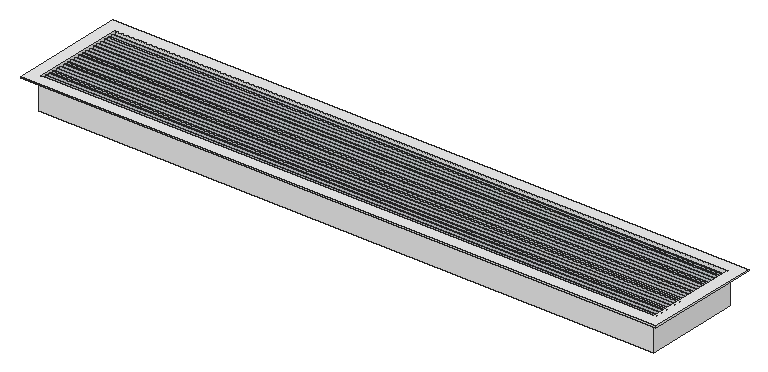
Revit family "DC_Holyoake_MEQ_LD-600SD_13", category Air Terminals, host Face, Revit 2013
Parameters (values of type "LD-600SD")
  Width LD [instance] = 150.0 mm
  URL = "http://www.holyoake.com"
  Type Comments = "Fineline Diffuser Series LD linear bar grilles"  # constant formula
  Static Pressure Min = 3.00 Pa
  Static Pressure Max = 69.00 Pa
  Noise Level NC Min = "< 10 NC"
  Noise Level NC Max = "48 NC"
  Model = "LD-600SD"  # constant formula
  Min Flow = 29 L/s
  Max Flow = 2600 L/s
  Material Face = Holyoake-Aluminium
  Material Body = Holyoake-Aluminium
  Manufacturer = "Holyoake"  # constant formula
  Length LD [instance] = 1000.0 mm
  Holyoake Product Range = "Holyoake Fineline Diffusers"  # constant formula
  Description = "Linear Bar Grille Registers with Vertical Rear Deflector Blades shall be Holyoake Model LD-600-SD with Horizontal Front Linear Bars of 3.25mm Blades at 6.35mm centres set at 0 degree deflection together with one set of Black Anodised Vertical Airfoil Individually Adjustable Deflection Blades at rear.  Linear Bar Grille Registers shall be of extruded aluminium construction to the sizes as documented. Fine line linear blades shall be mechanically expanded into machine notched mullions spaced at no greater then 300mm centres. Diffusers shall be finished in powder coat and fitted with accessories and dampers where indicated as manufactured by Holyoake"  # constant formula
  Default Elevation = 0.0 mm
  Array Number [instance] = ((Width LD - 25.4 mm) / 6.4 mm) - 0.9  # 19
Reference planes
  plane 1 "Center (Front/Back)": y = 0
  plane 2: z = 0
  plane 3 "Center (Left/Right)": x = 0
  plane 4: x = -500
  plane 5: x = 500
  plane 6: y = 75
  plane 7: y = -75
Forms (mm)
  Sweep 1, solid, material "Holyoake-Aluminium" <- "Material Body"
    path origin (0, 0, 0) x (1, 0, 0) y (0, 1, 0)
      loop
        line (-500, 75) -> (-500, -75) -> (500, -75) -> (500, 75) -> (-500, 75)
    profile origin (0, 75, 0) x (0, 1, 0) y (0, 0, 1)
      loop
        line (2, 0) -> (19, 0) -> (19, 2) -> (0, 2) -> (0, -50) -> (2, -50) -> (2, 0)
  Extrusion 2, void
    sketch origin (0, 0, 0) x (1, 0, 0) y (0, 1, 0)
      loop
        line (-500, 75) -> (-500, -75) -> (500, -75) -> (500, 75) -> (-500, 75)
    from 0 to -1000
Cuts and joins
  Extrusion 2 cuts Sweep 1
Lines and regions (mm)
  reference lines
    curve 1: line (-590.798, 68.65, 0) -> (-485.798, 68.65, 0)
    curve 2: line (-590.798, -68.65, 0) -> (-490.798, -68.65, 0)
Dimensions and locks
  equal spacing: plane 6, plane 1 "Center (Front/Back)", plane 7
  "Width LD": plane 6 to plane 7
  "Length LD": plane 4 to plane 5
  equal spacing: plane 4, plane 3 "Center (Left/Right)", plane 5
  locked: plane 6 to curve 1 at 6.35
  locked: curve 2 to plane 7 at 6.35
  equal spacing: group 1, group 3, group 4, group 5, group 6, group 7, group 8, group 9, group 10, group 11, group 12, group 13, group 14, group 15, group 16, group 17, group 18, group 19, group 2  (x2)
  equal spacing: group 2, group 19, group 18, group 17, group 16, group 15, group 14, group 13, group 12, group 11, group 10, group 9, group 8, group 7, group 6, group 5, group 4, group 3, group 1
  aligned and locked: plane 2 to host face
  aligned and locked: level to host face
  aligned and locked: plane 4 to Sweep 1 sketch curve
  aligned and locked: Sweep 1 sketch curve to plane 6
  aligned and locked: plane 7 to Sweep 1 sketch curve
  aligned and locked: Sweep 1 sketch curve to plane 5
  aligned and locked: plane 4 to nested 1
  aligned and locked: plane 4 to Sweep 1
  aligned and locked: nested 1 to curve 1
  aligned and locked: Sweep 1 to level
  aligned and locked: curve 2 to nested 2
  aligned and locked: plane 4 to nested 2
  aligned and locked: Extrusion 2 sketch curve to Sweep 1  (x3)
  aligned and locked: Sweep 1 to Extrusion 2 sketch curve
Automatic sketch dimensions
  Sweep 1 sketch curve to level = 0.0 mm
  Sweep 1 sketch curve to profile plane = 0.0 mm
  Sweep 1 sketch curve to Sweep 1 sketch curve = 2.0 mm
  Sweep 1 sketch curve to Sweep 1 sketch curve = 17.0 mm
  Sweep 1 sketch curve to Sweep 1 sketch curve = 50.0 mm
  level to Sweep 1 sketch curve = 2.0 mm
  host sketch curve to host sketch curve = 1716.464 mm
  host sketch curve to host sketch curve = 635.784 mm
  curve 2 to plane 4 = 90.798 mm
  curve 1 to curve 2 = 0.0 mm
  plane 4 to curve 2 = 9.202 mm
  plane 4 to curve 1 = 14.202 mm
Nested families
  nested 1: "LD Blade" at (-500, 67.15, 0), Blade Length <- "Length LD", type "LD Blade"
    with Blade Length 1000.0 mm
  nested 2: "LD Blade" at (-500, -68.65, 0), Blade Length <- "Length LD", type "LD Blade"
    with Blade Length 1000.0 mm
  nested 3: "LD Blade" at (-500, 59.606, 0), Blade Length <- "Length LD", type "LD Blade"
    with Blade Length 1000.0 mm
  nested 4: "LD Blade" at (-500, 52.061, 0), Blade Length <- "Length LD", type "LD Blade"
    with Blade Length 1000.0 mm
  nested 5: "LD Blade" at (-500, 44.517, 0), Blade Length <- "Length LD", type "LD Blade"
    with Blade Length 1000.0 mm
  nested 6: "LD Blade" at (-500, 36.972, 0), Blade Length <- "Length LD", type "LD Blade"
    with Blade Length 1000.0 mm
  nested 7: "LD Blade" at (-500, 29.428, 0), Blade Length <- "Length LD", type "LD Blade"
    with Blade Length 1000.0 mm
  nested 8: "LD Blade" at (-500, 21.883, 0), Blade Length <- "Length LD", type "LD Blade"
    with Blade Length 1000.0 mm
  nested 9: "LD Blade" at (-500, 14.339, 0), Blade Length <- "Length LD", type "LD Blade"
    with Blade Length 1000.0 mm
  nested 10: "LD Blade" at (-500, 6.794, 0), Blade Length <- "Length LD", type "LD Blade"
    with Blade Length 1000.0 mm
  nested 11: "LD Blade" at (-500, -0.75, 0), Blade Length <- "Length LD", type "LD Blade"
    with Blade Length 1000.0 mm
  nested 12: "LD Blade" at (-500, -8.294, 0), Blade Length <- "Length LD", type "LD Blade"
    with Blade Length 1000.0 mm
  nested 13: "LD Blade" at (-500, -15.839, 0), Blade Length <- "Length LD", type "LD Blade"
    with Blade Length 1000.0 mm
  nested 14: "LD Blade" at (-500, -23.383, 0), Blade Length <- "Length LD", type "LD Blade"
    with Blade Length 1000.0 mm
  nested 15: "LD Blade" at (-500, -30.928, 0), Blade Length <- "Length LD", type "LD Blade"
    with Blade Length 1000.0 mm
  nested 16: "LD Blade" at (-500, -38.472, 0), Blade Length <- "Length LD", type "LD Blade"
    with Blade Length 1000.0 mm
  nested 17: "LD Blade" at (-500, -46.017, 0), Blade Length <- "Length LD", type "LD Blade"
    with Blade Length 1000.0 mm
  nested 18: "LD Blade" at (-500, -53.561, 0), Blade Length <- "Length LD", type "LD Blade"
    with Blade Length 1000.0 mm
  nested 19: "LD Blade" at (-500, -61.106, 0), Blade Length <- "Length LD", type "LD Blade"
    with Blade Length 1000.0 mm
Definition of nested family "LD Blade"
  Parameters (values of type "LD Blade")
    Blade Material = none
    Blade Length [instance] = 600.0 mm
    Assembly Code = ""
  Reference planes
    plane 1 "Center (Front/Back)": y = 0
    plane 2: z = 0
    plane 3 "Center (Left/Right)": x = 0
    plane 4: x = 600
  Forms (mm)
    Extrusion 1, solid
      sketch origin (0, -1.042, 0) x (1, 0, 0) y (0, 1, 0)
        loop
          line (0, 1.042) -> (600, 1.042) -> (600, 2.542) -> (0, 2.542) -> (0, 1.042)
      from 0 to -20
  Dimensions and locks
    Extrusion 1 sketch curve to Extrusion 1 sketch curve = 1.5 mm
    "Blade Length": plane 3 "Center (Left/Right)" to plane 4
    locked: plane 1 "Center (Front/Back)" to Extrusion 1 at 1.5
    aligned and locked: plane 1 "Center (Front/Back)" to Extrusion 1
    aligned and locked: Extrusion 1 to plane 3 "Center (Left/Right)"
    aligned and locked: plane 4 to Extrusion 1
  Automatic sketch dimensions
    Extrusion 1 sketch curve to plane 1 "Center (Front/Back)" = 1.5 mm
    Extrusion 1 sketch curve to plane 3 "Center (Left/Right)" = 0.0 mm
    plane 4 to Extrusion 1 sketch curve = 0.0 mm
